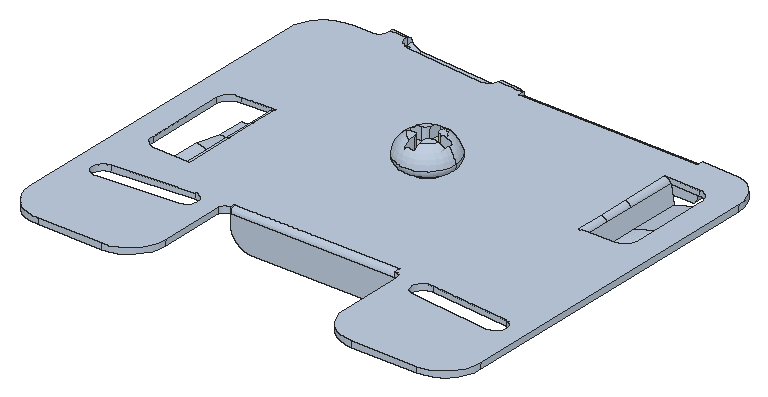
Revit family "MWCSP65", category 機械設備, Revit 2020
Family settings
  丸型コネクタ寸法 = 直径を使用
  パーツ タイプ = 標準
  OmniClass 番号 = 23.75.00.00
  OmniClass タイトル = Climate Control (HVAC)
  作業面ベース = はい
  常に垂直 = いいえ
  ロード時にボイドで切り取り = いいえ
  共有 = いいえ
  部屋計算ポイント = いいえ
Parameters (values of type "Cのみ")
  ﾋﾞｽ位置 = 1.6 mm
  ﾋﾞｽ ﾏﾃﾘｱﾙ = 電気亜鉛メッキ
  ﾋﾞｽ 表示 [instance] = yes
  製造元 = "株式会社サンユー"
  Default Elevation = 0 mm
  URL = "http://www.3you.co.jp"
  MWｸﾘｯﾌﾟSP65 ﾏﾃﾘｱﾙ = 溶融亜鉛メッキ
  MWCSP65 = MWCSP65Cのみ : MWCSP65Cのみ
Types (3, lengths in mm): name | ﾋﾞｽ位置 | MWCSP65
  (no name) | 1.6 | MWCSP65Cのみ : MWCSP65Cのみ
  C+WR | 2.6 | MWCSP65CR : MWCSP65CR
  Cのみ | 1.6 | MWCSP65Cのみ : MWCSP65Cのみ
Reference planes
  plane 1 "中心(正面/背面)": y = 0
  plane 2: z = 0
  plane 3 "中心(左/右)": x = 0
  plane 4 "ﾋﾞｽ": z = 1.6
Dimensions and locks
  "ﾋﾞｽ位置": plane 4 "ﾋﾞｽ" to plane 2
  aligned and locked: level to plane 2
Nested families
  nested 1: "MWCSP65Cのみ" at (0, 0, 0), type <- "MWCSP65", type "MWCSP65Cのみ"
  nested 2: "ﾅﾍﾞﾋﾞｽ" at (0, 20, 1.6), visible <- "ﾋﾞｽ 表示", ﾋﾞｽ　ﾏﾃﾘｱﾙ <- "ﾋﾞｽ ﾏﾃﾘｱﾙ", type "4x13"
    with ﾋﾞｽ　ﾏﾃﾘｱﾙ 電気亜鉛メッキ
Definition of nested family "MWCSP65Cのみ"
  Parameters (values of type "MWCSP65Cのみ")
    Default Elevation = 0 mm
    MWｸﾘｯﾌﾟSP65 ﾏﾃﾘｱﾙﾏﾃﾘｱﾙ = none
  Reference planes
    plane 1 "中心(正面/背面)": y = 0
    plane 2: z = 0
    plane 3 "中心(左/右)": x = 0
    plane 4: y = 0.8
  Forms (mm)
    Extrusion 1, solid, material <- "MWｸﾘｯﾌﾟSP65 ﾏﾃﾘｱﾙﾏﾃﾘｱﾙ"
      sketch origin (0, 0, 0) x (1, 0, 0) y (0, 1, 0)
        loop
          line (-26.5, -15) -> (-17.5, -15)
          arc (-17.5, -15) -> (-13.964, -13.536) -> (-12.5, -10) r 5
          line (-12.5, -10) -> (-12.5, -1)
          arc (-12.5, -1) -> (-12.207, -0.293) -> (-11.5, 0) r 1
          line (-11.5, 0) -> (11.5, 0)
          arc (11.5, 0) -> (12.207, -0.293) -> (12.5, -1) r 1
          line (12.5, -1) -> (12.5, -10)
          arc (12.5, -10) -> (13.964, -13.536) -> (17.5, -15) r 5
          line (17.5, -15) -> (26.5, -15)
          arc (26.5, -15) -> (30.036, -13.536) -> (31.5, -10) r 5
          line (31.5, -10) -> (31.5, 35)
          arc (31.5, 35) -> (30.036, 38.536) -> (26.5, 40) r 5
          line (26.5, 40) -> (-3.5, 40) -> (-6.065, 40.224)
          arc (-6.065, 40.224) -> (-6.597, 39.204) -> (-7.695, 38.861) r 1.5
          line (-7.695, 38.861) -> (-18.643, 39.819)
          arc (-18.643, 39.819) -> (-19.665, 40.348) -> (-20.012, 41.445) r 1.5
          line (-20.012, 41.445) -> (-22.449, 41.658) -> (-22.52, 40.738)
          arc (-22.52, 40.738) -> (-22.775, 40.213) -> (-23.318, 40) r 0.8
          line (-23.318, 40) -> (-26.5, 40)
          arc (-26.5, 40) -> (-30.036, 38.536) -> (-31.5, 35) r 5
          line (-31.5, 35) -> (-31.5, -10)
          arc (-31.5, -10) -> (-30.036, -13.536) -> (-26.5, -15) r 5
        loop
          line (-16.613, 0.146) -> (-27.574, -0.813)
          arc (-27.574, -0.813) -> (-28.938, -2.438) -> (-27.313, -3.802) r 1.5
          line (-27.313, -3.802) -> (-16.355, -2.843)
          arc (-16.355, -2.843) -> (-14.991, -1.22) -> (-16.613, 0.146) r 1.5
        loop
          line (16.355, -2.843) -> (27.313, -3.802)
          arc (27.313, -3.802) -> (28.938, -2.438) -> (27.573, -0.813) r 1.5
          line (27.573, -0.813) -> (16.615, 0.146)
          arc (16.615, 0.146) -> (14.991, -1.219) -> (16.355, -2.843) r 1.5
        loop
          line (-21.2, 20) -> (-26, 20)
          arc (-26, 20) -> (-27.414, 19.414) -> (-28, 18) r 2
          line (-28, 18) -> (-28, 7)
          arc (-28, 7) -> (-27.414, 5.586) -> (-26, 5) r 2
          line (-26, 5) -> (-21.2, 5) -> (-21.2, 20)
        loop
          line (26, 35) -> (21.2, 35) -> (21.2, 20) -> (26, 20)
          arc (26, 20) -> (27.414, 20.586) -> (28, 22) r 2
          line (28, 22) -> (28, 33)
          arc (28, 33) -> (27.414, 34.414) -> (26, 35) r 2
      from 0 to 0.8
    Extrusion 2, solid, material <- "MWｸﾘｯﾌﾟSP65 ﾏﾃﾘｱﾙﾏﾃﾘｱﾙ"
      sketch origin (0, 0, 0) x (1, 0, 0) y (0, 0, 1)
        loop
          line (-11.5, 0) -> (-11.5, -1.2)
          arc (-11.5, -1.2) -> (-10.621, -3.321) -> (-8.5, -4.2) r 3
          line (-8.5, -4.2) -> (8.5, -4.2)
          arc (8.5, -4.2) -> (10.621, -3.321) -> (11.5, -1.2) r 3
          line (11.5, -1.2) -> (11.5, 0) -> (-11.5, 0)
      from 0 to -0.8
    Extrusion 3, solid, material <- "MWｸﾘｯﾌﾟSP65 ﾏﾃﾘｱﾙﾏﾃﾘｱﾙ"
      sketch origin (0, 0, 0) x (1, 0, 0) y (0, 0, 1)
        loop
          line (22.5, 0) -> (-2.5, 0) -> (-2.5, -1.2)
          arc (-2.5, -1.2) -> (-1.621, -3.321) -> (0.5, -4.2) r 3
          line (0.5, -4.2) -> (21.5, -4.2)
          arc (21.5, -4.2) -> (22.207, -3.907) -> (22.5, -3.2) r 1
          line (22.5, -3.2) -> (22.5, 0)
      from -39.2 to -40
    Extrusion 4, void
      sketch origin (0, 0, 0) x (0, 1, 0) y (0, 0, 1)
        loop
          arc (0, 0) -> (0.234, 0.566) -> (0.8, 0.8) r 0.8
          line (0.8, 0.8) -> (0, 0.8) -> (0, 0)
      from -11.5 to 11.5
    Extrusion 5, void
      sketch origin (0, 0, 0) x (0, 1, 0) y (0, 0, 1)
        loop
          line (40, 0) -> (40, 0.8) -> (39.2, 0.8)
          arc (39.2, 0.8) -> (39.766, 0.566) -> (40, 0) r 0.8
      from -2.5 to 22.5
    Blend 6, solid, material <- "MWｸﾘｯﾌﾟSP65 ﾏﾃﾘｱﾙﾏﾃﾘｱﾙ"
      base sketch origin (0, 0, 0) x (1, 0, 0) y (0, 0, 1)
        loop
          arc (-21.2, 0.8) -> (-21.714, 0.613) -> (-21.988, 0.139) r 0.8
          line (-21.988, 0.139) -> (-22.422, -2.322) -> (-25.802, -1.416) -> (-26.01, -2.19) -> (-22.527, -3.123)
          arc (-22.527, -3.123) -> (-21.951, -2.968) -> (-21.634, -2.462) r 0.816
          line (-21.634, -2.462) -> (-21.2, 0) -> (-21.2, 0.8)
      top sketch origin (0, 0, 0) x (1, 0, 0) y (0, 0, 1)
        loop
          line (-21.2, 0) -> (-21.2, 0.8)
          arc (-21.2, 0.8) -> (-21.714, 0.613) -> (-21.988, 0.139) r 0.8
          line (-21.988, 0.139) -> (-22.422, -2.323) -> (-25.922, -2.323) -> (-25.922, -3.123) -> (-22.527, -3.123)
          arc (-22.527, -3.123) -> (-21.951, -2.968) -> (-21.634, -2.462) r 0.816
          line (-21.634, -2.462) -> (-21.2, 0)
      from -12 to -16.2
    Extrusion 7, solid, material <- "MWｸﾘｯﾌﾟSP65 ﾏﾃﾘｱﾙﾏﾃﾘｱﾙ"
      sketch origin (0, 0, 0) x (1, 0, 0) y (0, 0, 1)
        loop
          arc (-21.2, 0.8) -> (-21.714, 0.613) -> (-21.988, 0.139) r 0.8
          line (-21.988, 0.139) -> (-22.422, -2.323) -> (-25.922, -2.323) -> (-25.922, -3.123) -> (-22.527, -3.123)
          arc (-22.527, -3.123) -> (-21.951, -2.968) -> (-21.634, -2.462) r 0.816
          line (-21.634, -2.462) -> (-21.2, 0) -> (-21.2, 0.8)
      from -16.2 to -20
    Extrusion 8, solid, material <- "MWｸﾘｯﾌﾟSP65 ﾏﾃﾘｱﾙﾏﾃﾘｱﾙ"
      sketch origin (0, 0, 0) x (1, 0, 0) y (0, 0, 1)
        loop
          arc (-21.2, 0.8) -> (-21.714, 0.613) -> (-21.988, 0.139) r 0.8
          line (-21.988, 0.139) -> (-22.422, -2.322) -> (-25.802, -1.416) -> (-26.01, -2.19) -> (-22.527, -3.123)
          arc (-22.527, -3.123) -> (-21.951, -2.968) -> (-21.634, -2.462) r 0.816
          line (-21.634, -2.462) -> (-21.2, 0) -> (-21.2, 0.8)
      from -5 to -12
    Blend 9, solid, material <- "MWｸﾘｯﾌﾟSP65 ﾏﾃﾘｱﾙﾏﾃﾘｱﾙ"
      base sketch origin (0, 0, 0) x (-1, 0, 0) y (0, 0, -1)
        loop
          line (-21.2, -0.8) -> (-21.2, 0) -> (-21.634, 2.462)
          arc (-21.634, 2.462) -> (-21.951, 2.968) -> (-22.527, 3.123) r 0.816
          line (-22.527, 3.123) -> (-26.01, 2.19) -> (-25.802, 1.416) -> (-22.422, 2.322) -> (-21.988, -0.139)
          arc (-21.988, -0.139) -> (-21.714, -0.613) -> (-21.2, -0.8) r 0.8
      top sketch origin (0, 0, 0) x (-1, 0, 0) y (0, 0, -1)
        loop
          line (-21.2, 0) -> (-21.634, 2.462)
          arc (-21.634, 2.462) -> (-21.951, 2.968) -> (-22.527, 3.123) r 0.816
          line (-22.527, 3.123) -> (-25.922, 3.123) -> (-25.922, 2.323) -> (-22.422, 2.323) -> (-21.988, -0.139)
          arc (-21.988, -0.139) -> (-21.714, -0.613) -> (-21.2, -0.8) r 0.8
          line (-21.2, -0.8) -> (-21.2, 0)
      from -28 to -23.8
    Extrusion 10, solid, material <- "MWｸﾘｯﾌﾟSP65 ﾏﾃﾘｱﾙﾏﾃﾘｱﾙ"
      sketch origin (0, 0, 0) x (-1, 0, 0) y (0, 0, -1)
        loop
          line (-21.2, -0.8) -> (-21.2, 0) -> (-21.634, 2.462)
          arc (-21.634, 2.462) -> (-21.951, 2.968) -> (-22.527, 3.123) r 0.816
          line (-22.527, 3.123) -> (-25.922, 3.123) -> (-25.922, 2.323) -> (-22.422, 2.323) -> (-21.988, -0.139)
          arc (-21.988, -0.139) -> (-21.714, -0.613) -> (-21.2, -0.8) r 0.8
      from -20 to -23.8
    Extrusion 11, solid, material <- "MWｸﾘｯﾌﾟSP65 ﾏﾃﾘｱﾙﾏﾃﾘｱﾙ"
      sketch origin (0, 0, 0) x (-1, 0, 0) y (0, 0, -1)
        loop
          line (-21.2, -0.8) -> (-21.2, 0) -> (-21.634, 2.462)
          arc (-21.634, 2.462) -> (-21.951, 2.968) -> (-22.527, 3.123) r 0.816
          line (-22.527, 3.123) -> (-26.01, 2.19) -> (-25.802, 1.416) -> (-22.422, 2.322) -> (-21.988, -0.139)
          arc (-21.988, -0.139) -> (-21.714, -0.613) -> (-21.2, -0.8) r 0.8
      from -28 to -35
    Extrusion 12, solid, material <- "MWｸﾘｯﾌﾟSP65 ﾏﾃﾘｱﾙﾏﾃﾘｱﾙ"
      sketch origin (3.447, 39.392, 40.343) x (0.992403, -0.086827, -0.087159) y (-0.086827, 0.007597, -0.996194)
        loop
          arc (-16.782, 55) -> (-20.178, 53.671) -> (-21.767, 50.389) r 5
          line (-21.767, 50.389) -> (-22.379, 42.455) -> (-22.449, 41.658) -> (-20.012, 41.445) -> (-19.942, 42.242)
          arc (-19.942, 42.242) -> (-19.216, 42.673) -> (-18.376, 42.77) r 2.018
          line (-18.376, 42.77) -> (-7.428, 41.707)
          arc (-7.428, 41.707) -> (-6.68, 41.43) -> (-5.996, 41.021) r 4.374
          line (-5.996, 41.021) -> (-6.065, 40.224) -> (-3.5, 40) -> (-3.43, 40.797) -> (-3.5, 50)
          arc (-3.5, 50) -> (-4.964, 53.536) -> (-8.5, 55) r 5
          line (-8.5, 55) -> (-16.782, 55)
      from 0 to 0.8
    Extrusion 13, void
      sketch origin (-22.449, 41.658, 0.8) x (0, 0, 1) y (-0.087159, -0.996194, 0)
        loop
          arc (0, 0) -> (-0.234, -0.566) -> (-0.8, -0.8) r 0.8
          line (-0.8, -0.8) -> (0, -0.8) -> (0, 0)
      from 0 to 19.021
  Cuts and joins
    Extrusion 4, Extrusion 5 cuts Extrusion 1
    Extrusion 13 cuts Extrusion 12
    joined: Extrusion 1, Extrusion 2, Extrusion 3, Blend 6, Extrusion 7, Extrusion 8, Blend 9, Extrusion 10, Extrusion 11, Extrusion 12
  Lines and regions (mm)
    reference lines
      curve 1: arc (-21.2, 0, 0.8) -> (-21.714, 0, 0.613) -> (-21.988, 0, 0.139) r 0.8
      curve 2: arc (-21.634, 0, -2.462) -> (-21.951, 0, -2.968) -> (-22.527, 0, -3.123) r 0.816
  Dimensions and locks
    aligned and locked: level to plane 2
Definition of nested family "ﾅﾍﾞﾋﾞｽ"
  Parameters (values of type "4x13")
    ﾋﾞｽ　ﾏﾃﾘｱﾙ [instance] = none
    ﾋﾞｽ 表示 = yes
    頭 = 4 mm
    Default Elevation = 0 mm
    ねじ山 = L / 1.6 mm - 1  # 6
    Rビス = 1.2 mm
    L = 11.5 mm
  Types (5, lengths in mm): name | 頭 | ねじ山 | Rビス | L
    4x13 | 4 | 6 | 1.2 | 11.5
    4x16 | 4 | 8 | 1.2 | 14.5
    5x16 | 4.5 | 8 | 1.7 | 14.5
    5x19 | 4.5 | 10 | 1.7 | 17.5
    5x30 | 4.5 | 17 | 1.7 | 28.5
  Reference planes
    plane 1 "中心(正面/背面)": y = 0
    plane 2: z = 0
    plane 3 "中心(左/右)": x = 0
    plane 4: z = -11.5
    plane 5: x = -4
    plane 6: y = 0
    plane 7: z = -0.8
    plane 8: x = -3
    plane 9: y = 3
    plane 10: y = -3
    plane 11: x = 3
    plane 12: x = -1
    plane 13: x = -0.69
    plane 14: x = 0.69
    plane 15: y = -0.69
    plane 16: y = 0.69
    plane 17: y = 1
    plane 18: x = 1
    plane 19: y = -1
  Forms (mm)
    Revolve 1, solid, material <- "ﾋﾞｽ　ﾏﾃﾘｱﾙ", visible <- "ﾋﾞｽ 表示"
      sketch origin (0, 0, 0) x (1, 0, 0) y (0, 0, -1)
        loop
          line (0, 13) -> (-1.2, 11.5) -> (-1.2, 0) -> (0, 0) -> (0, 13)
        axis (0, 0) -> (0, 13)
      angle from 0 to 360
    Revolve 2, solid, material <- "ﾋﾞｽ　ﾏﾃﾘｱﾙ", visible <- "ﾋﾞｽ 表示"
      sketch origin (0, 0, 1.042) x (1, 0, 0) y (0, 0, -1)
        loop
          line (0, -2.755) -> (0, 1.042) -> (-2.904, 1.042)
          arc (-2.904, 1.042) -> (-3.698, 0.703) -> (-4, -0.106) r 1.097
          arc (-4, -0.106) -> (-3.448, -1.556) -> (-2.283, -2.58) r 3.224
          arc (-2.283, -2.58) -> (-1.144, -2.701) -> (0, -2.755) r 19.822
        axis (0, -2.755) -> (0, 1.042)
      angle from 0 to 360
    Extrusion 3, void
      sketch origin (0, 0, 0) x (1, 0, 0) y (0, 1, 0)
        loop
          line (-3, 0.69) -> (-3, -0.69) -> (-1.38, -0.69)
          arc (-1.38, -0.69) -> (-0.892, -0.892) -> (-0.69, -1.38) r 0.69
          line (-0.69, -1.38) -> (-0.69, -3) -> (0.69, -3) -> (0.69, -1.38)
          arc (0.69, -1.38) -> (0.892, -0.892) -> (1.38, -0.69) r 0.69
          line (1.38, -0.69) -> (3, -0.69) -> (3, 0.69) -> (1.38, 0.69)
          arc (1.38, 0.69) -> (0.892, 0.892) -> (0.69, 1.38) r 0.69
          line (0.69, 1.38) -> (0.69, 3) -> (-0.69, 3) -> (-0.69, 1.38)
          arc (-0.69, 1.38) -> (-0.892, 0.892) -> (-1.38, 0.69) r 0.69
          line (-1.38, 0.69) -> (-3, 0.69)
      from 2 to 5
  Cuts and joins
    Extrusion 3 cuts Revolve 2
    joined: Revolve 1, Revolve 2
  Dimensions and locks
    "頭": plane 5 to plane 3 "中心(左/右)"
    "Rビス": Revolve 1 sketch curve to Revolve 1 sketch curve
    "L": level to plane 4
    locked: plane 2 to plane 7 at 0.8
    equal spacing: group 1, group 2, group 3, group 4, group 5, group 6  (x2)
    equal spacing: group 6, group 5, group 4, group 3, group 2, group 1
    aligned and locked: level to plane 2
    aligned and locked: nested 1 to plane 7
  Automatic sketch dimensions
    Revolve 2 sketch curve to plane 5 = 0 mm  (x2)
    Revolve 2 sketch curve to level = 0 mm  (x2)
    Revolve 2 sketch curve to plane 3 "中心(左/右)" = 0 mm  (x2)
    Revolve 2 sketch curve to plane 3 "中心(左/右)" = 0.8 mm
    plane 3 "中心(左/右)" to Revolve 2 sketch curve = 0.368 mm
    level to Revolve 2 sketch curve = 0.761 mm
    plane 4 to Revolve 2 sketch curve = 4.521 mm
    Revolve 2 sketch curve to Revolve 2 sketch curve = 0 mm
    level to Revolve 2 sketch curve = 1.097 mm
    Revolve 2 sketch curve to Revolve 2 sketch curve = 3.037 mm
    Extrusion 3 sketch curve to plane 8 = 0 mm
    Extrusion 3 sketch curve to plane 14 = 0 mm  (x2)
    plane 10 to Extrusion 3 sketch curve = 0 mm
    Extrusion 3 sketch curve to plane 15 = 0 mm  (x2)
    Extrusion 3 sketch curve to plane 11 = 0 mm
    Extrusion 3 sketch curve to plane 19 = 0.38 mm  (x2)
    Extrusion 3 sketch curve to plane 9 = 0 mm
    Extrusion 3 sketch curve to plane 13 = 0 mm  (x2)
    plane 17 to Extrusion 3 sketch curve = 0.38 mm  (x2)
    Extrusion 3 sketch curve to plane 16 = 0 mm  (x2)
    Revolve 1 sketch curve to plane 4 = 0 mm
    Revolve 1 sketch curve to level = 0 mm  (x2)
    Revolve 1 sketch curve to plane 3 "中心(左/右)" = 0 mm  (x2)
    plane 4 to Revolve 1 sketch curve = 1.5 mm
    Revolve 1 sketch curve to Revolve 1 sketch curve = 0 mm
  Nested families
    nested 1: "ねじ山" at (0, 0, -1.6), visible <- "ﾋﾞｽ 表示", type "ねじ山"
    nested 2: "ねじ山" at (0, 0, -3.2), visible <- "ﾋﾞｽ 表示", type "ねじ山"
    nested 3: "ねじ山" at (0, 0, -4.8), visible <- "ﾋﾞｽ 表示", type "ねじ山"
    nested 4: "ねじ山" at (0, 0, -6.4), visible <- "ﾋﾞｽ 表示", type "ねじ山"
    nested 5: "ねじ山" at (0, 0, -8), visible <- "ﾋﾞｽ 表示", type "ねじ山"
    nested 6: "ねじ山" at (0, 0, -9.6), visible <- "ﾋﾞｽ 表示", type "ねじ山"
  Definition of nested family "ねじ山"
    Parameters (values of type "ねじ山")
      ねじ山　ﾏﾃﾘｱﾙ = none
      Default Elevation = 0 mm
      外半径 = 内半径 + 0.8 mm  # 2.9 mm
      内半径 = 2.1 mm
      ねじ山 表示 = yes
    Reference planes
      plane 1 "中心(正面/背面)": y = 0
      plane 2: z = 0
      plane 3 "中心(左/右)": x = 0
    Forms (mm)
      Extrusion 1, solid, material <- "ねじ山　ﾏﾃﾘｱﾙ", visible <- "ねじ山 表示"
        sketch origin (0, 0, 0) x (1, 0, 0) y (0, 1, 0)
          loop
            circle (0, 0) r 2.1
          loop
            circle (0, 0) r 2.9
        from 0 to 0.8
    Dimensions and locks
      "内半径": radius of Extrusion 1 sketch curve
      "外半径": radius of Extrusion 1 sketch curve
      aligned and locked: level to plane 2
    Automatic sketch dimensions
      Extrusion 1 sketch curve to Extrusion 1 sketch curve = 0 mm  (x2)
      plane 1 "中心(正面/背面)" to Extrusion 1 sketch curve = 0 mm
      Extrusion 1 sketch curve to plane 3 "中心(左/右)" = 0 mm
